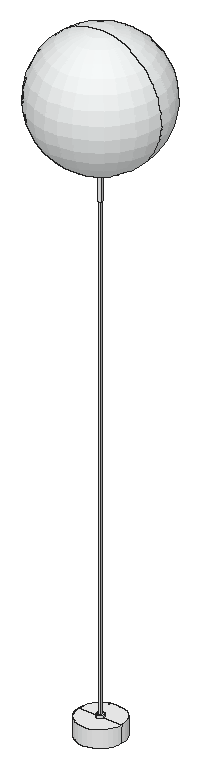
Revit family "56591.1_HOST_FACE_2015", category Lighting Fixtures, host Face, Revit 2015 (continued)
Types (5): name | Wattage | built-in parameter 1150134 | Photometric Web File | built-in parameter 1150142 | Model | built-in parameter 1150105 | Lumens | Lamp | built-in parameter 1150107 | built-in parameter 1150106 | Description | Default Elevation
    5 1.47 1.59 1.71 1.83 1.95 2.09 2.23 2.49 2.78 3.49 4.25 5.08 5.91 6.79 7.67 8.61 9.55 10.53 11.51 12.51 13.51 14.53 15.54 16.57 17.58 18.60 19.61 20.61 21.60 22.74 23.74 24.65 25.58 26.46 27.35 28.22 28.91 29.65 30.37 31.07 31.74 32.33 \r\n32.90 33.42 33.90 34.34 34.75 35.10 35.41 35.63 35.82 35.96 36.07 36.11 36.12 36.05 35.98 35.91 35.84 35.71 35.54 35.27 34.98 34.63 34.28 33.90 33.52 33.12 32.00\r\n0.99 1.14 1.29 1.44 1.59 1.74 1.89 2.04 2.19 2.35 2.71 3.36 4.04 4.85 5.71 6.63 7.56 8.52 9.49 10.52 11.56 12.61 13.74 14.93 16.11 17.29 18.45 19.62 20.77 21.90 23.01 24.10 25.15 26.24 27.30 28.20 29.06 29.95 30.80 31.59 32.34 33.04 33.71 34.35 34.94 \r\n35.46 35.94 36.35 36.73 37.04 37.32 37.58 37.81 37.95 38.05 38.10 38.10 38.03 37.92 37.74 37.53 37.23 36.90 36.60 36.33 35.96 35.58 35.13 34.68 34.21 33.72 33.22 32.00\r\n0.99 1.17 1.35 1.53 1.71 1.89 2.07 2.24 2.48 3.13 3.78 4.52 5.30 6.20 7.15 8.16 9.18 10.26 11.52 12.80 14.09 15.38 16.65 17.92 19.17 20.43 21.68 22.93 24.16 25.36 26.52 27.65 28.75 29.86 31.02 31.79 32.54 33.47 34.39 35.09 35.82 36.49 37.13 37.73 38.27 \r\n38.73 39.14 39.49 39.79 40.02 40.20 40.34 40.42 40.42 40.36 40.24 40.12 39.95 39.72 39.43 39.09 38.68 38.22 37.71 37.15 36.65 36.17 35.63 35.08 34.50 33.92 33.32 32.00\r\n0.99 1.20 1.40 1.61 1.83 2.03 2.24 2.59 3.34 4.09 4.84 5.67 6.55 7.52 8.65 9.87 11.27 12.68 14.03 15.39 16.78 18.15 19.53 20.89 22.22 23.56 24.91 26.24 27.53 28.79 30.00 31.18 32.30 33.42 34.48 35.40 36.26 37.13 37.96 38.73 39.44 40.08 40.67 41.21 41.68 \r\n42.06 42.39 42.65 42.85 43.00 43.08 43.12 43.09 43.00 42.83 42.60 42.30 41.93 41.60 41.12 40.66 40.12 39.54 38.89 38.19 37.40 36.75 36.12 35.47 34.80 34.12 33.42 32.00\r\n0.99 1.23 1.46 1.70 1.94 2.18 2.47 3.33 4.18 5.03 5.89 6.80 7.77 9.04 10.46 11.90 13.50 15.08 16.52 17.94 19.44 20.92 22.42 23.88 25.30 26.72 28.15 29.54 30.89 32.20 33.47 34.69 35.85 36.97 38.14 39.05 39.97 40.85 41.74 42.39 43.09 43.69 44.24 44.74 45.14\r\n 45.46 45.70 45.88 45.99 46.04 46.02 45.93 45.77 45.58 45.29 44.94 44.52 44.03 43.48 42.87 42.21 41.56 40.84 40.07 39.23 38.31 37.36 36.60 35.86 35.09 34.31 33.51 32.00\r\n0.99 1.26 1.52 1.78 2.05 2.32 3.10 4.06 5.01 5.96 6.92 7.98 9.38 10.79 12.33 13.87 15.66 17.48 18.98 20.51 22.13 23.70 25.29 26.84 28.36 29.85 31.35 32.79 34.18 35.53 36.83 38.06 39.23 40.36 41.44 42.48 43.46 44.31 45.09 45.83 46.49 47.07 47.60 48.09 \r\n48.47 48.76 48.98 49.11 49.13 49.09 48.98 48.81 48.52 48.19 47.76 47.31 46.72 46.12 45.43 44.70 43.87 43.00 42.13 41.23 40.26 39.21 38.13 37.08 36.24 35.38 34.50 33.61 32.00\r\n0.99 1.28 1.57 1.87 2.17 2.65 3.71 4.78 5.83 6.88 8.05 9.48 11.01 12.51 14.17 15.93 17.80 19.71 21.41 23.07 24.78 26.45 28.13 29.76 31.36 32.91 34.47 35.96 37.41 38.80 40.14 41.40 42.59 43.74 44.85 45.96 46.95 47.82 48.55 49.24 49.86 50.40 50.89 51.33 \r\n51.64 51.86 52.02 52.11 52.10 52.04 51.91 51.67 51.26 50.79 50.24 49.63 48.93 48.32 47.37 46.51 45.54 44.53 43.43 42.38 41.27 40.10 38.89 37.63 36.62 35.66 34.69 33.70 32.00\r\n0.99 1.31 1.63 1.95 2.27 3.15 4.32 5.48 6.63 7.84 9.41 10.96 12.61 14.24 16.05 17.96 19.98 21.94 23.78 25.74 27.40 29.17 30.93 32.64 34.32 35.95 37.56 39.08 40.55 41.95 43.31 44.60 45.81 46.98 48.10 49.15 50.12 50.95 51.70 52.39 53.00 53.53 54.00 54.43 \r\n54.72 54.93 55.07 55.09 54.98 54.81 54.58 54.28 53.87 53.51 52.69 51.95 51.13 50.25 49.29 48.28 47.18 46.04 44.80 43.54 42.26 40.97 39.63 38.25 36.98 35.93 34.87 33.79 32.00\r\n0.99 1.34 1.68 2.03 2.38 3.64 4.91 6.17 7.42 9.05 10.75 12.43 14.18 16.04 18.04 20.09 22.15 24.17 26.11 28.06 29.96 31.85 33.69 35.58 37.18 38.82 40.43 42.00 43.52 44.97 46.39 47.73 48.99 50.19 51.34 52.41 53.29 54.14 54.84 55.51 56.09 56.59 57.02 57.38 \r\n57.60 57.76 57.85 57.86 57.76 57.65 57.24 56.81 56.30 55.70 55.04 54.25 53.31 52.29 51.20 50.04 48.81 47.52 46.15 44.74 43.24 41.83 40.36 38.86 37.36 36.20 35.05 33.88 32.00\r\n0.99 1.36 1.73 2.10 2.75 4.12 5.49 6.84 8.41 10.23 12.05 13.86 15.81 17.90 19.99 22.17 24.29 26.37 28.42 30.48 32.48 34.45 36.29 38.10 39.85 41.57 43.25 44.89 46.45 47.92 49.34 50.69 51.94 53.14 54.28 55.30 56.22 57.03 57.77 58.44 59.01 59.50 59.91 60.24 \r\n60.46 60.57 60.59 60.50 60.33 60.06 59.73 59.30 58.71 58.00 57.23 56.36 55.43 54.29 53.08 51.77 50.41 48.97 47.47 45.91 44.26 42.67 41.07 39.46 37.81 36.47 35.23 33.97 32.00\r\n0.99 1.39 1.78 2.18 3.12 4.59 6.05 7.57 9.44 11.38 13.32 15.33 17.49 19.72 21.91 24.17 26.33 28.52 30.69 32.85 34.85 36.84 38.76 40.65 42.48 44.26 45.96 47.63 49.22 50.75 52.19 53.55 54.83 56.04 57.20 58.27 59.14 60.00 60.69 61.35 61.89 62.33 62.71 62.98 \r\n63.13 63.21 63.20 63.09 62.89 62.51 62.07 61.53 60.94 60.28 59.39 58.40 57.35 56.21 54.93 53.48 52.00 50.40 48.77 47.06 45.28 43.56 41.77 40.04 38.27 36.73 35.40 34.06 32.00\r\n0.99 1.41 1.83 2.25 3.49 5.04 6.59 8.34 10.43 12.50 14.69 16.86 19.14 21.49 23.78 26.05 28.32 30.60 32.86 35.01 37.12 39.18 41.32 43.13 45.01 46.84 48.60 50.33 51.97 53.51 54.94 56.29 57.57 58.77 59.95 60.98 61.89 62.69 63.41 64.05 64.57 65.00 65.38 65.65\r\n 65.80 65.81 65.73 65.53 65.25 64.87 64.48 63.75 63.06 62.31 61.45 60.42 59.23 57.98 56.66 55.16 53.53 51.80 50.16 48.17 46.27 44.33 42.44 40.60 38.72 36.98 35.56 34.14 32.00\r\n0.99 1.44 1.88 2.32 3.84 5.48 7.12 9.18 11.40 13.59 15.90 18.34 20.76 23.19 25.54 27.87 30.27 32.56 34.88 37.12 39.33 41.45 43.51 45.52 47.49 49.39 51.17 52.87 54.51 56.08 57.56 58.94 60.24 61.46 62.68 63.78 64.63 65.47 66.10 66.70 67.18 67.57 67.88 68.09\r\n 68.19 68.22 68.15 67.95 67.57 67.11 66.53 65.89 65.17 64.32 63.33 62.31 61.07 59.70 58.25 56.77 55.02 53.16 51.26 49.26 47.24 45.16 43.10 41.14 39.16 37.22 35.72 34.22 32.00\r\n0.99 1.46 1.93 2.43 4.17 5.91 7.65 10.00 12.33 14.66 17.21 19.78 22.33 24.77 27.24 29.67 32.11 34.48 36.86 39.20 41.43 43.60 45.75 47.87 49.85 51.73 53.57 55.32 57.01 58.61 60.06 61.42 62.70 63.90 65.05 66.07 66.96 67.75 68.45 69.06 69.56 69.96 70.29 \r\n70.50 70.56 70.50 70.35 70.11 69.77 69.32 68.65 67.91 67.14 66.28 65.19 64.02 62.78 61.38 59.81 58.21 56.47 54.49 52.43 50.33 48.17 45.96 43.74 41.67 39.58 37.47 35.88 34.30 32.00\r\n0.99 1.48 1.97 2.68 4.50 6.31 8.32 10.78 13.22 15.77 18.48 21.16 23.80 26.33 28.89 31.41 33.86 36.35 38.78 41.14 43.43 45.71 47.89 50.01 52.04 54.02 55.92 57.63 59.27 60.83 62.32 63.74 65.07 66.28 67.40 68.46 69.29 70.13 70.77 71.35 71.83 72.20 72.46 \r\n72.61 72.68 72.66 72.54 72.21 71.79 71.28 70.69 69.89 69.02 68.04 67.01 65.70 64.36 62.93 61.31 59.58 57.76 55.77 53.57 51.33 49.06 46.74 44.40 42.17 39.98 37.77 36.03 34.37 32.00\r\n0.99 1.50 2.01 2.91 4.81 6.70 8.96 11.53 14.08 16.87 19.70 22.66 25.18 27.84 30.47 33.04 35.57 38.14 40.58 43.00 45.40 47.70 49.92 52.10 54.19 56.14 57.96 59.72 61.41 63.03 64.53 65.93 67.23 68.42 69.52 70.51 71.42 72.19 72.86 73.43 73.92 74.30 74.57 \r\n74.69 74.71 74.62 74.44 74.17 73.78 73.18 72.50 71.73 70.83 69.75 68.60 67.35 65.89 64.35 62.77 60.90 58.98 57.12 54.66 52.32 49.91 47.48 45.04 42.66 40.37 38.06 36.17 34.44 32.00\r\n0.99 1.52 2.05 3.13 5.11 7.08 9.58 12.24 14.94 17.92 20.87 23.74 26.51 29.28 31.95 34.60 37.24 39.78 42.31 44.79 47.24 49.59 51.90 54.10 56.12 58.07 59.95 61.77 63.45 65.05 66.56 67.97 69.28 70.50 71.60 72.66 73.55 74.34 74.92 75.45 75.90 76.23 76.44 \r\n76.56 76.61 76.54 76.28 75.94 75.51 75.04 74.26 73.40 72.47 71.44 70.14 68.81 67.36 65.73 64.03 62.18 60.15 58.04 55.72 53.26 50.73 48.20 45.65 43.12 40.74 38.34 36.30 34.51 32.00\r\n0.99 1.54 2.09 3.35 5.39 7.43 10.16 12.92 15.82 18.91 21.98 24.91 27.79 30.64 33.38 36.09 38.80 41.38 43.97 46.51 48.98 51.42 53.74 55.87 57.95 59.97 61.85 63.65 65.39 67.03 68.57 69.90 71.14 72.30 73.37 74.34 75.24 75.98 76.62 77.17 77.64 78.02 78.31 \r\n78.38 78.35 78.20 77.99 77.69 77.18 76.58 75.90 75.01 74.00 72.91 71.63 70.19 68.71 67.06 65.23 63.38 61.26 59.04 56.72 54.14 51.51 48.87 46.22 43.56 41.09 38.60 36.43 34.57 32.00\r\n0.99 1.56 2.13 3.55 5.66 7.84 10.71 13.57 16.65 19.86 23.02 26.03 29.01 31.90 34.74 37.68 40.24 42.93 45.54 48.12 50.66 53.12 55.37 57.58 59.71 61.72 63.64 65.50 67.24 68.75 70.19 71.55 72.83 74.02 75.10 76.12 76.92 77.71 78.29 78.80 79.21 79.54 79.78 \r\n79.94 80.00 79.84 79.55 79.19 78.77 78.08 77.32 76.49 75.46 74.25 73.01 71.51 69.94 68.40 66.38 64.44 62.30 59.98 57.64 54.98 52.26 49.52 46.77 44.00 41.42 38.84 36.55 34.63 32.00\r\n0.99 1.58 2.16 3.74 5.91 8.27 11.23 14.17 17.44 20.75 23.97 27.08 30.26 33.10 36.03 38.89 41.65 44.41 47.05 49.65 52.26 54.60 56.95 59.20 61.33 63.39 65.39 67.12 68.74 70.29 71.79 73.15 74.39 75.53 76.56 77.51 78.32 79.05 79.68 80.20 80.64 80.99 81.22 \r\n81.31 81.31 81.22 81.06 80.61 80.09 79.50 78.68 77.79 76.80 75.55 74.20 72.77 71.09 69.36 67.47 65.41 63.36 60.88 58.43 55.77 52.96 50.12 47.28 44.43 41.73 39.08 36.67 34.69 32.00\r\n0.99 1.59 2.19 3.91 6.14 8.68 11.71 14.76 18.17 21.58 24.86 28.07 31.21 34.24 37.25 40.14 43.00 45.76 48.47 51.15 53.64 56.08 58.44 60.68 62.86 64.98 66.80 68.54 70.23 71.77 73.20 74.56 75.80 76.96 77.98 79.01 79.72 80.49 81.03 81.51 81.91 82.21 82.42 \r\n82.57 82.59 82.43 82.21 81.95 81.38 80.69 79.97 78.98 77.93 76.78 75.34 73.86 72.17 70.37 68.49 66.32 64.13 61.73 59.18 56.52 53.61 50.69 47.76 44.83 42.03 39.29 36.77 34.74 32.00\r\n0.99 1.61 2.22 4.08 6.36 9.05 12.16 15.36 18.86 22.35 25.68 28.98 32.18 35.30 38.36 41.31 44.26 47.05 49.79 52.47 54.99 57.48 59.81 62.09 64.30 66.25 68.13 69.94 71.57 73.11 74.56 75.95 77.08 78.13 79.07 80.00 80.75 81.43 82.03 82.54 83.01 83.40 83.56 \r\n83.64 83.64 83.58 83.30 82.97 82.56 81.82 81.02 80.13 78.99 77.81 76.42 74.83 73.19 71.30 69.34 67.17 64.92 62.50 59.87 57.21 54.22 51.21 48.21 45.20 42.30 39.49 36.87 34.79 32.00\r\n0.99 1.62 2.25 4.23 6.56 9.39 12.58 15.91 19.49 23.05 26.44 29.83 33.07 36.27 39.37 42.41 45.39 48.24 51.08 53.66 56.26 58.74 61.10 63.45 65.49 67.49 69.42 71.13 72.82 74.43 75.75 76.97 78.12 79.17 80.11 81.03 81.78 82.41 82.96 83.43 83.84 84.17 84.46 \r\n84.66 84.59 84.46 84.32 83.94 83.45 82.89 82.01 81.08 79.99 78.74 77.41 75.75 74.06 72.15 70.12 67.98 65.62 63.21 60.52 57.81 54.78 51.70 48.62 45.54 42.54 39.68 36.96 34.84 32.00\r\n0.99 1.63 2.28 4.37 6.75 9.71 12.96 16.41 20.06 23.66 27.13 30.58 33.89 37.17 40.30 43.41 46.42 49.35 52.17 54.82 57.44 59.91 62.33 64.55 66.63 68.68 70.53 72.31 73.99 75.40 76.73 77.98 79.10 80.03 80.90 81.73 82.44 83.06 83.62 84.13 84.59 84.90 85.18 \r\n85.32 85.45 85.30 85.09 84.85 84.29 83.69 82.92 81.93 80.92 79.57 78.21 76.59 74.82 72.93 70.85 68.68 66.26 63.83 61.11 58.33 55.30 52.15 49.00 45.85 42.77 39.85 37.05 34.88 32.00\r\n0.99 1.65 2.30 4.49 6.91 9.99 13.30 16.85 20.58 24.22 27.76 31.25 34.62 37.96 41.15 44.32 47.36 50.37 53.16 55.88 58.50 61.00 63.44 65.59 67.71 69.68 71.57 73.39 74.87 76.30 77.66 78.77 79.81 80.77 81.62 82.42 83.10 83.69 84.20 84.68 85.06 85.44 85.79 \r\n85.92 85.99 86.02 85.78 85.48 85.07 84.39 83.70 82.70 81.60 80.34 78.90 77.34 75.51 73.65 71.47 69.28 66.84 64.37 61.64 58.80 55.76 52.55 49.34 46.13 42.97 40.00 37.12 34.92 32.00\r\n0.99 1.66 2.32 4.60 7.06 10.24 13.60 17.25 21.04 24.72 28.33 31.85 35.28 38.65 41.90 45.11 48.21 51.28 54.07 56.84 59.44 62.01 64.35 66.55 68.67 70.62 72.57 74.17 75.72 77.13 78.34 79.47 80.58 81.39 82.15 82.88 83.50 84.07 84.58 85.08 85.52 85.84 86.13 \r\n86.41 86.47 86.46 86.40 86.04 85.64 85.02 84.27 83.38 82.23 80.99 79.50 77.99 76.12 74.21 72.04 69.80 67.37 64.83 62.11 59.22 56.17 52.91 49.64 46.37 43.16 40.14 37.19 34.95 32.00\r\n0.99 1.66 2.34 4.70 7.18 10.46 13.86 17.60 21.43 25.15 28.82 32.37 35.86 39.25 42.56 45.80 48.95 52.01 54.85 57.66 60.30 62.92 65.17 67.43 69.50 71.51 73.33 74.94 76.49 77.78 79.02 80.12 81.02 81.87 82.64 83.32 83.90 84.42 84.88 85.34 85.74 86.15 86.43 \r\n86.66 86.88 86.84 86.77 86.52 86.08 85.56 84.78 83.96 82.75 81.52 80.03 78.47 76.64 74.69 72.55 70.25 67.82 65.24 62.52 59.58 56.53 53.22 49.90 46.59 43.31 40.25 37.25 34.98 32.00\r\n0.99 1.67 2.35 4.78 7.29 10.65 14.09 17.90 21.78 25.52 29.24 32.81 36.35 39.77 43.13 46.38 49.57 52.62 55.53 58.34 61.03 63.60 65.92 68.17 70.26 72.33 73.98 75.66 77.09 78.40 79.61 80.59 81.52 82.34 83.00 83.61 84.15 84.63 85.08 85.53 85.92 86.27 86.63 \r\n86.87 87.06 87.16 87.05 86.92 86.45 85.96 85.18 84.32 83.19 81.92 80.47 78.88 77.10 75.10 72.97 70.64 68.21 65.59 62.87 59.90 56.84 53.48 50.12 46.77 43.45 40.35 37.30 35.00 32.00\r\n0.99 1.68 2.39 4.84 7.38 10.80 14.27 18.15 22.06 25.83 29.58 33.18 36.75 40.19 43.59 46.87 50.11 53.14 56.08 58.91 61.66 64.19 66.55 68.80 70.93 72.90 74.62 76.24 77.62 79.03 80.04 81.08 81.93 82.66 83.33 83.88 84.39 84.81 85.21 85.61 86.00 86.36 86.68 \r\n87.02 87.18 87.33 87.26 87.11 86.73 86.22 85.50 84.62 83.56 82.26 80.85 79.21 77.45 75.42 73.31 70.96 68.54 65.89 63.16 60.15 57.09 53.70 50.31 46.93 43.56 40.44 37.41 35.02 32.00\r\n0.99 1.68 2.39 4.90 7.54 10.92 14.41 18.34 22.28 26.07 29.85 33.46 37.06 40.52 43.96 47.26 50.53 53.55 56.53 59.36 62.15 64.65 67.04 69.29 71.47 73.36 75.11 76.68 78.11 79.37 80.44 81.44 82.26 83.01 83.59 84.05 84.46 84.84 85.24 85.63 85.99 86.38 86.68 \r\n87.01 87.24 87.40 87.41 87.25 86.95 86.39 85.74 84.85 83.85 82.52 81.13 79.46 77.73 75.68 73.59 71.21 68.79 66.10 63.38 60.35 57.28 53.87 50.45 47.05 43.75 40.50 37.41 35.04 32.00\r\n0.99 1.69 2.39 4.93 7.54 11.00 14.60 18.48 22.57 26.24 30.03 33.67 37.29 40.76 44.22 47.53 50.83 53.85 56.85 59.68 62.50 64.97 67.40 69.65 71.87 73.72 75.50 77.01 78.47 79.66 80.77 81.72 82.55 83.26 83.78 84.24 84.53 84.83 85.17 85.57 85.94 86.30 86.66 \r\n87.00 87.28 87.42 87.49 87.32 87.09 86.53 85.91 85.00 84.04 82.71 81.34 79.65 77.94 75.87 73.78 71.38 68.96 66.26 63.54 60.49 57.53 53.99 50.64 47.13 43.76 40.55 37.41 35.05 32.00\r\n0.99 1.69 2.39 4.96 7.54 11.05 14.60 18.56 22.58 26.35 30.18 33.79 37.48 40.90 44.42 47.70 51.08 54.04 57.12 59.88 62.77 65.17 67.70 69.86 72.17 73.90 75.70 77.20 78.68 79.85 80.99 81.89 82.77 83.41 83.99 84.24 84.45 84.73 85.05 85.45 85.88 86.26 86.64 \r\n86.97 87.29 87.44 87.57 87.39 87.21 86.61 86.06 85.10 84.20 82.82 81.50 79.77 78.11 75.99 73.93 71.48 69.10 66.35 63.67 60.57 57.54 54.07 50.64 47.19 43.76 40.57 37.41 35.06 32.00\r\n0.99 1.69 2.39 4.97 7.54 11.07 14.60 18.59 22.58 26.38 30.18 33.83 37.48 40.95 44.41 47.75 51.09 54.11 57.13 59.94 62.75 65.23 67.70 69.92 72.13 73.96 75.78 77.27 78.75 79.91 81.07 81.96 82.84 83.46 84.07 84.22 84.36 84.66 84.96 85.40 85.84 86.25 86.66 \r\n86.97 87.28 87.42 87.55 87.38 87.21 86.65 86.08 85.15 84.21 82.86 81.51 79.83 78.14 76.04 73.94 71.52 69.10 66.39 63.67 60.61 57.54 54.10 50.65 47.21 43.76 40.59 37.41 35.06 32.00\r\n" | "33 508" | 31.513 (stored number, unit not read) | 396 lm | "8.4W LED" | 3000 (stored number, unit not read) | 0.31513 (stored number, unit not read) | "LED ceiling and wall luminaires - impact resistant" | 6' - 0"
  Pendant Luminaires | 23.8586 W | (empty or 0) | "56591.ies" | "IESNA:LM-63-1995\r\n[TEST] \r\n[MANUFAC] GLASHÜTTE LIMBURG\r\n[MORE] Converted by LUMCat V \r\n[MORE] 20.04.2015 / M.S.\r\n[LUMCAT] \r\n[LUMINAIRE] 56591\r\n[LAMPCAT] LED  35,1W\r\n[LAMPCAT] LED  35,1W    3543 lm,   41 W\r\n[LAMP] LED  35,1W\r\nTILT=NONE\r\n1 -1 1 73 1 1 1 -1.31 0 -1.31\r\n1 1 41\r\n0 2.5 5 7.5 10 12.5 15 17.5 20 22.5 25 27.5 30 32.5 35 37.5 40 42.5 45 47.5 50 52.5 55 57.5 60 62.5 65 67.5 70 72.5 75 77.5 80 82.5\r\n 85 87.5 90 92.5 95 97.5 100 102.5 105 107.5 110 112.5 115 117.5 120 122.5 125 127.5 130 132.5 135 137.5 140 142.5 145 147.5 150 \r\n152.5 155 157.5 160 162.5 165 167.5 170 172.5 175 177.5 180\r\n0\r\n310.30 310.40 310.50 311.00 311.10 311.30 311.50 311.70 311.90 311.90 312.00 312.10 312.20 312.40 312.40 312.60 312.60 312.70 \r\n312.70 312.60 312.60 312.50 312.30 312.00 311.70 311.20 310.60 309.80 309.20 308.10 306.90 305.60 304.20 302.50 300.70 298.70 \r\n296.60 294.30 291.90 289.30 286.50 283.70 280.70 277.50 274.20 270.80 267.40 263.80 260.20 256.80 253.10 249.50 245.90 242.40 \r\n238.90 235.50 232.20 228.90 225.70 222.50 219.50 216.70 213.90 211.30 208.80 204.10 196.60 186.20 168.00 146.10 119.50 80.40 74.80\r\n" | "56 591.1" | 282.02 (stored number, unit not read) | 3544 lm | "35.7W LED" | 3000 (stored number, unit not read) | 2.8202 (stored number, unit not read) | "Pendant -sphere" | 0' - 0"
